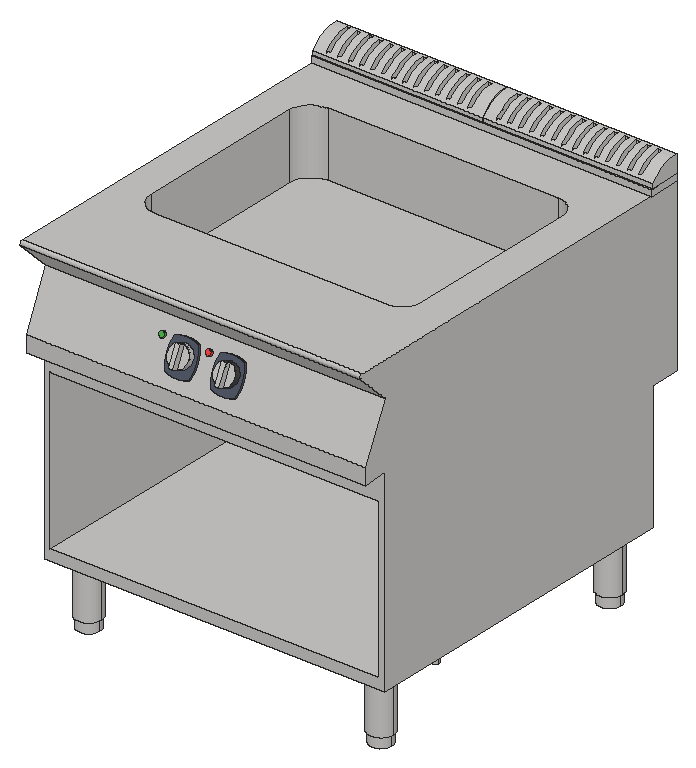
Revit family "QF_ELECTROLUXPROFESSIONAL_391142_E9MFGHDIO0", category Specialty Equipment, Revit 2018
Family settings
  Round Connector Dimension = Use Diameter
  Part Type = Normal
  Work Plane-Based = No
  Always vertical = Yes
  Cut with Voids When Loaded = No
  Shared = No
  Room Calculation Point = No
Parameters
  Width = 800 mm  # constant formula
  Weight in Pounds = 115  # constant formula
  Watts = 0 W
  Waste Water Discharge Temperature [instance] = -459.67 °F
  URL Cutsheet = "www.electrolux.com/foodservice"
  URL = "www.electrolux.com/foodservice"
  Type Mark [instance] = ""
  Status [instance] = ""
  Specification by User [instance] = ""
  Specification by Manufacturer = ""
  Show Logo [instance] = yes
  Show Clearance [instance] = yes
  Serial Number = ""
  Seismic Rating = ""
  SMACNA No = ""
  Revision Code [instance] = ""
  Plumbing Remarks [instance] = ""
  Plumbing Connection Type [instance] = ""
  Omniclass Number and Title = ""
  NAFEM Spec ID Number = ""
  Model = "391142"
  Mechanical Remarks [instance] = ""
  Mechanical Connection Type [instance] = ""
  Masterspec = ""
  Manufacturer = "ELECTROLUX"
  Item Number [instance] = ""
  Installed By [instance] = ""
  Indirect Waste Size = 2"
  Indirect Waste Flow [instance] = 0 GPM
  Indirect Waste Connection Type [instance] = ""
  Indirect Waste Connection Height = 0 mm
  Identify Quantity as Lot [instance] = yes
  Height = 850 mm  # constant formula
  HP = "0 HP"
  Gas Size = 12.7 mm  # 1/2"
  Gas RI Height [instance] = 0 mm
  Gas KW = 14  # constant formula
  Gas Input = 13987.1 VA  # 47726.0 Btu/h
  Gas Connection Height [instance] = 0 mm
  Furnished By [instance] = ""
  Foodservice Equipment Identifier [instance] = yes
  Direct Waste Size = 0"
  Description = "900XP GAS MULTIFUNCTIONAL COOKER 22 LT – WITH COMPOUND BOTTOM"
  Depth = 930 mm  # constant formula
  CSI MasterFormat = ""
  CSI Master Format = ""
  Base Height [instance] = 149 mm  # constant formula
Reference planes
  plane 1 "BACK": y = 0
  plane 2: z = 0
  plane 3 "LEFT": x = 0
  plane 4 "RIGHT": x = 800
  plane 5 "FRONT": y = -930
  plane 6 "TOP": z = 850.238
  plane 7 "Center Y": x = 400
  plane 8 "Center X": y = -465
  plane 9: z = 149
  plane 10: y = -126
  plane 11: y = -799
  plane 12: y = -695
  plane 13: x = 56
  plane 14: x = 744
  plane 15: x = 753
  plane 16: z = 908
  plane 17: x = 789
Forms (mm)
  Extrusion 1, solid, material "QF_Finishes_Stainless Steel"
    sketch origin (0, -198.623, 0) x (0, 1, 0) y (0, 0, 1)
      loop
        line (198.623, 850.238) -> (-725.027, 850.238)
        arc (-725.027, 850.238) -> (-730.893, 846.318) -> (-729.517, 839.397) r 6.35
        line (-729.517, 839.397) -> (-656.416, 767.047) -> (-713.522, 646.19) -> (-713.522, 608.09) -> (-659.4, 613.7) -> (-659.4, 149) -> (128.623, 149) -> (128.623, 450) -> (198.623, 450) -> (198.623, 850.238)
    from 0 to 800
  Extrusion 2, void
    sketch origin (0, -198.623, 850.238) x (-1, 0, 0) y (0, -1, 0)
      loop
        line (-670, -11.863) -> (-128.433, -11.863)
        arc (-128.433, -11.863) -> (-93.078, 2.782) -> (-78.433, 38.137) r 50
        line (-78.433, 38.137) -> (-78.433, 446.377)
        arc (-78.433, 446.377) -> (-93.078, 481.732) -> (-128.433, 496.377) r 50
        line (-128.433, 496.377) -> (-670, 496.377)
        arc (-670, 496.377) -> (-705.355, 481.732) -> (-720, 446.377) r 50
        line (-720, 446.377) -> (-720, 38.137)
        arc (-720, 38.137) -> (-705.355, 2.782) -> (-670, -11.863) r 50
    from 0 to -152.4
  Extrusion 3, solid, material "QF_Clearances", visible <- "Show Clearance", detail levels coarse
    sketch origin (0, -198.623, 0) x (1, 0, 0) y (0, 1, 0)
      loop
        line (0, -731.377) -> (0, 198.623) -> (800, 198.623) -> (800, -731.377) -> (950.019, -731.377) -> (950.019, 348.642) -> (-150.019, 348.642) -> (-150.019, -731.377) -> (0, -731.377)
    from 0 to 850.238
  Revolve 4, solid, material "QF_Finishes_Stainless Steel"
    sketch origin (0, -126, 608.09) x (0, 0, 1) y (-1, 0, 0)
      loop
        line (-608.09, -56) -> (-459.09, -56) -> (-459.09, -26) -> (-583.09, -26) -> (-583.09, -29.75) -> (-608.09, -29.75) -> (-608.09, -56)
      axis (-608.09, -56) -> (-459.09, -56)
    angle from 0 to 360
  Revolve 5, solid, material "QF_Finishes_Stainless Steel"
    sketch origin (800.1, -126, 608.09) x (0, 0, 1) y (-1, 0, 0)
      loop
        line (-608.09, 56.1) -> (-608.09, 29.85) -> (-583.09, 29.85) -> (-583.09, 26.1) -> (-459.09, 26.1) -> (-459.09, 56.1) -> (-608.09, 56.1)
      axis (-608.09, 56.1) -> (-459.09, 56.1)
    angle from 0 to 360
  Extrusion 6, solid, material "QF_Finishes_Stainless Steel"
    sketch origin (-77.88, -4770.623, 533.7) x (-1, 0, 0) y (0, -1, 0)
      loop
        circle (-368.88, -4124.623) r 25.4
    from 67.3 to -12.7
  Extrusion 7, void
    sketch origin (0, -858.023, 149) x (0, 0, -1) y (-1, 0, 0)
      loop
        line (-25.4, -12.7) -> (-399.138, -12.7) -> (-399.138, -787.3) -> (-25.4, -787.3) -> (-25.4, -12.7)
    from 0 to 570.276
  Extrusion 8, void
    sketch origin (0, -198.623, 697.838) x (0, -1, 0) y (-1, 0, 0)
      loop
        circle (447.377, -291) r 25.4
    from 0 to 96.838
  Extrusion 9, solid, material "QF_Finishes_Stainless Steel"
    sketch origin (0, -70, 149) x (-1, 0, 0) y (0, 1, 0)
      loop
        circle (-789, -624) r 6.604
    from 0 to 12.7
  Extrusion 10, solid, material "QF_Finishes_Stainless Steel"
    sketch origin (-45.315, -48.869, 149) x (-1, 0, 0) y (0, 1, 0)
      loop
        circle (-798.315, -601.131) r 6.35
    from 0 to 12.7
  Extrusion 11, solid, material "QF_Finishes_Stainless Steel"
    sketch origin (0, -198.623, 14.763) x (0, 1, 0) y (0, 0, 1)
      loop
        line (198.623, 850.238) -> (125, 850.238) -> (125, 835.475) -> (198.623, 835.475) -> (198.623, 850.238)
    from 0 to 800
  Extrusion 12, solid, material "QF_Finishes_Stainless Steel"
    sketch origin (0, 0, 589.025) x (0, 1, 0) y (0, 0, 1)
      loop
        line (0, 275.975) -> (0, 318.975)
        arc (0, 318.975) -> (-38.778, 310.112) -> (-69.85, 285.275) r 89.215
        line (-69.85, 285.275) -> (-69.85, 275.975) -> (0, 275.975)
    from 0 to 400
  Extrusion 13, void
    sketch origin (0, 0, 863.663) x (0, -1, 0) y (1, 0, 0)
      loop
        line (6.761, 28.703) -> (63.911, 28.703) -> (63.911, 37.999) -> (6.761, 37.999) -> (6.761, 28.703)
      loop
        line (63.911, 63.487) -> (6.761, 63.487) -> (6.761, 54.191) -> (63.911, 54.191) -> (63.911, 63.487)
      loop
        line (63.911, 89.975) -> (6.761, 89.975) -> (6.761, 80.68) -> (63.911, 80.68) -> (63.911, 89.975)
      loop
        line (63.911, 115.464) -> (6.761, 115.464) -> (6.761, 106.168) -> (63.911, 106.168) -> (63.911, 115.464)
      loop
        line (63.911, 140.952) -> (6.761, 140.952) -> (6.761, 131.656) -> (63.911, 131.656) -> (63.911, 140.952)
      loop
        line (63.911, 166.44) -> (6.761, 166.44) -> (6.761, 157.145) -> (63.911, 157.145) -> (63.911, 166.44)
      loop
        line (63.911, 191.929) -> (6.761, 191.929) -> (6.761, 182.633) -> (63.911, 182.633) -> (63.911, 191.929)
      loop
        line (63.911, 217.417) -> (6.761, 217.417) -> (6.761, 208.121) -> (63.911, 208.121) -> (63.911, 217.417)
      loop
        line (63.911, 242.905) -> (6.761, 242.905) -> (6.761, 233.61) -> (63.911, 233.61) -> (63.911, 242.905)
      loop
        line (63.911, 268.394) -> (6.761, 268.394) -> (6.761, 259.098) -> (63.911, 259.098) -> (63.911, 268.394)
      loop
        line (63.911, 293.882) -> (6.761, 293.882) -> (6.761, 284.586) -> (63.911, 284.586) -> (63.911, 293.882)
      loop
        line (63.911, 319.37) -> (6.761, 319.37) -> (6.761, 310.075) -> (63.911, 310.075) -> (63.911, 319.37)
      loop
        line (63.911, 345.859) -> (6.761, 345.859) -> (6.761, 336.563) -> (63.911, 336.563) -> (63.911, 345.859)
      loop
        line (63.911, 370.347) -> (6.761, 370.347) -> (6.761, 361.051) -> (63.911, 361.051) -> (63.911, 370.347)
    from 10.267 to 63.5
  Extrusion 14, solid, material "QF_Finishes_Navy Blue"
    sketch origin (-108.463, -912.145, 646.19) x (0, 0.421077, 0.907025) y (-1, 0, 0)
      loop
        arc (101.077, -425.788) -> (66.2, -418.771) -> (31.333, -425.832) r 89.894
        arc (31.333, -425.832) -> (24.638, -454.363) -> (31.333, -482.893) r 64.14
        arc (31.333, -482.893) -> (66.2, -489.955) -> (101.077, -482.938) r 89.894
        arc (101.077, -482.938) -> (107.792, -454.363) -> (101.077, -425.788) r 64.16
    from 0 to 3.175
  Extrusion 15, solid, material "QF_Finishes_Stainless Steel"
    sketch origin (-108.463, -915.025, 647.527) x (0, 0.421077, 0.907025) y (-1, 0, 0)
      loop
        circle (68.826, -454.351) r 25.4
    from 0 to 12.7
  Extrusion 16, solid, material "QF_Finishes_Stainless Steel"
    sketch origin (-108.463, -926.544, 652.875) x (0, 0.421077, 0.907025) y (-1, 0, 0)
      loop
        arc (93.558, -460.137) -> (94.226, -454.351) -> (93.558, -448.564) r 25.4
        line (93.558, -448.564) -> (44.094, -448.564)
        arc (44.094, -448.564) -> (43.426, -454.351) -> (44.094, -460.137) r 25.4
        line (44.094, -460.137) -> (93.558, -460.137)
    from 0 to 12.7
  Extrusion 17, solid, material "QF_Finishes_Red"
    sketch origin (-55, -912.145, 646.19) x (0, 0.421077, 0.907025) y (-1, 0, 0)
      loop
        circle (93.566, -454.95) r 6.35
    from 0 to 3.175
  Extrusion 18, solid, material "QF_Finishes_Navy Blue"
    sketch origin (908.563, -912.145, 646.19) x (0, 0.421077, 0.907025) y (-1, 0, 0)
      loop
        arc (101.077, 425.944) -> (107.812, 454.563) -> (101.077, 483.182) r 64.179
        arc (101.077, 483.182) -> (66.2, 490.196) -> (31.333, 483.138) r 89.935
        arc (31.333, 483.138) -> (24.618, 454.563) -> (31.333, 425.988) r 64.16
        arc (31.333, 425.988) -> (66.2, 418.933) -> (101.077, 425.944) r 89.976
    from 0 to 3.175
  Extrusion 19, solid, material "QF_Finishes_Stainless Steel"
    sketch origin (908.563, -915.025, 647.527) x (0, 0.421077, 0.907025) y (-1, 0, 0)
      loop
        circle (68.826, 454.351) r 25.4
    from 0 to 12.7
  Extrusion 20, solid, material "QF_Finishes_Stainless Steel"
    sketch origin (908.563, -926.544, 652.875) x (0, 0.421077, 0.907025) y (-1, 0, 0)
      loop
        line (93.558, 460.137) -> (44.094, 460.137)
        arc (44.094, 460.137) -> (43.426, 454.351) -> (44.094, 448.564) r 25.4
        line (44.094, 448.564) -> (93.558, 448.564)
        arc (93.558, 448.564) -> (94.226, 454.351) -> (93.558, 460.137) r 25.4
    from 0 to 12.7
  Extrusion 21, solid, material "QF_Finishes_Green"
    sketch origin (-165, -912.145, 646.19) x (0, 0.421077, 0.907025) y (-1, 0, 0)
      loop
        circle (93.566, -455.05) r 6.35
    from 0 to 3.175
  Extrusion 22, solid, material "QF_Finishes_Stainless Steel"
    sketch origin (800, 0, 589.025) x (0, 1, 0) y (0, 0, -1)
      loop
        line (0, -275.975) -> (-69.85, -275.975) -> (-69.85, -285.275)
        arc (-69.85, -285.275) -> (-38.778, -310.112) -> (0, -318.975) r 89.215
        line (0, -318.975) -> (0, -275.975)
    from 0 to 400
  Extrusion 23, void
    sketch origin (800, 0, 863.663) x (0, -1, 0) y (1, 0, 0)
      loop
        line (6.761, -28.703) -> (6.761, -37.999) -> (63.911, -37.999) -> (63.911, -28.703) -> (6.761, -28.703)
      loop
        line (63.911, -63.487) -> (63.911, -54.191) -> (6.761, -54.191) -> (6.761, -63.487) -> (63.911, -63.487)
      loop
        line (63.911, -89.975) -> (63.911, -80.68) -> (6.761, -80.68) -> (6.761, -89.975) -> (63.911, -89.975)
      loop
        line (63.911, -115.464) -> (63.911, -106.168) -> (6.761, -106.168) -> (6.761, -115.464) -> (63.911, -115.464)
      loop
        line (63.911, -140.952) -> (63.911, -131.656) -> (6.761, -131.656) -> (6.761, -140.952) -> (63.911, -140.952)
      loop
        line (63.911, -166.44) -> (63.911, -157.145) -> (6.761, -157.145) -> (6.761, -166.44) -> (63.911, -166.44)
      loop
        line (63.911, -191.929) -> (63.911, -182.633) -> (6.761, -182.633) -> (6.761, -191.929) -> (63.911, -191.929)
      loop
        line (63.911, -217.417) -> (63.911, -208.121) -> (6.761, -208.121) -> (6.761, -217.417) -> (63.911, -217.417)
      loop
        line (63.911, -242.905) -> (63.911, -233.61) -> (6.761, -233.61) -> (6.761, -242.905) -> (63.911, -242.905)
      loop
        line (63.911, -268.394) -> (63.911, -259.098) -> (6.761, -259.098) -> (6.761, -268.394) -> (63.911, -268.394)
      loop
        line (63.911, -293.882) -> (63.911, -284.586) -> (6.761, -284.586) -> (6.761, -293.882) -> (63.911, -293.882)
      loop
        line (63.911, -319.37) -> (63.911, -310.075) -> (6.761, -310.075) -> (6.761, -319.37) -> (63.911, -319.37)
      loop
        line (63.911, -345.859) -> (63.911, -336.563) -> (6.761, -336.563) -> (6.761, -345.859) -> (63.911, -345.859)
      loop
        line (63.911, -370.347) -> (63.911, -361.051) -> (6.761, -361.051) -> (6.761, -370.347) -> (63.911, -370.347)
    from 10.267 to 63.5
  Revolve 24, solid, material "QF_Finishes_Stainless Steel"
    sketch origin (0, -799, 608.09) x (0, 0, 1) y (-1, 0, 0)
      loop
        line (-608.09, -56) -> (-459.09, -56) -> (-459.09, -26) -> (-583.09, -26) -> (-583.09, -29.75) -> (-608.09, -29.75) -> (-608.09, -56)
      axis (-608.09, -56) -> (-459.09, -56)
    angle from 0 to 360
  Revolve 25, solid, material "QF_Finishes_Stainless Steel"
    sketch origin (800.1, -799, 608.09) x (0, 0, 1) y (-1, 0, 0)
      loop
        line (-608.09, 56.1) -> (-608.09, 29.85) -> (-583.09, 29.85) -> (-583.09, 26.1) -> (-459.09, 26.1) -> (-459.09, 56.1) -> (-608.09, 56.1)
      axis (-608.09, 56.1) -> (-459.09, 56.1)
    angle from 0 to 360
Cuts and joins
  Extrusion 2, Extrusion 7, Extrusion 8 cuts Extrusion 1
  Extrusion 13, Extrusion 23 cuts Extrusion 12
  Extrusion 23 cuts Extrusion 22
Lines and regions (mm)
  symbolic lines, style "QF_Clearances", visible <- "Show Clearance", detail levels coarse
    curve 1: line (-150.019, 150.019, 850.238) -> (-150.019, -930, 850.238)
    curve 2: line (950.019, 150.019, 850.237) -> (-150.019, 150.019, 850.238)
    curve 3: line (950.019, -930, 850.237) -> (950.019, 150.019, 850.237)
  symbolic lines
    curve 4: line (0, 0, 850.238) -> (800, 0, 850.237)
    curve 5: line (0, -930, 850.238) -> (0, 0, 850.238)
    curve 6: line (800, -930, 850.237) -> (0, -930, 850.238)
    curve 7: line (800, 0, 850.237) -> (800, -930, 850.237)
    curve 8: line (0, -73.623, 850.238) -> (800, -73.623, 850.237)
    curve 9: line (670, -186.761, 850.237) -> (128.433, -186.761, 850.237)
    curve 10: arc (128.433, -186.761, 850.237) -> (93.078, -201.406, 850.238) -> (78.433, -236.761, 850.238) r 50
    curve 11: line (78.433, -236.761, 850.238) -> (78.433, -645, 850.238)
    curve 12: arc (78.433, -645, 850.238) -> (93.078, -680.355, 850.238) -> (128.433, -695, 850.237) r 50
    curve 13: line (128.433, -695, 850.237) -> (670, -695, 850.237)
    curve 14: arc (670, -186.761, 850.237) -> (705.355, -201.406, 850.237) -> (720, -236.761, 850.237) r 50
    curve 15: line (720, -236.761, 850.237) -> (720, -645, 850.237)
    curve 16: arc (720, -645, 850.237) -> (705.355, -680.355, 850.237) -> (670, -695, 850.237) r 50
    curve 17: arc (291, -620.6, 850.237) -> (316.4, -646, 850.237) -> (291, -671.4, 850.237) r 25.4
    curve 18: arc (291, -671.4, 850.237) -> (265.6, -646, 850.237) -> (291, -620.6, 850.237) r 25.4
    curve 19: line (28.703, -63.911, 850.238) -> (37.999, -63.911, 850.238)
    curve 20: line (28.703, -6.761, 850.238) -> (28.703, -63.911, 850.238)
    curve 21: line (37.999, -6.761, 850.238) -> (28.703, -6.761, 850.238)
    curve 22: line (37.999, -63.911, 850.238) -> (37.999, -6.761, 850.238)
    curve 23: line (54.191, -63.911, 850.238) -> (63.487, -63.911, 850.238)
    curve 24: line (54.191, -6.761, 850.238) -> (54.191, -63.911, 850.238)
    curve 25: line (63.487, -6.761, 850.238) -> (54.191, -6.761, 850.238)
    curve 26: line (63.487, -63.911, 850.238) -> (63.487, -6.761, 850.238)
    curve 27: line (80.68, -63.911, 850.237) -> (89.975, -63.911, 850.237)
    curve 28: line (80.68, -6.761, 850.237) -> (80.68, -63.911, 850.237)
    curve 29: line (89.975, -6.761, 850.237) -> (80.68, -6.761, 850.237)
    curve 30: line (89.975, -63.911, 850.237) -> (89.975, -6.761, 850.237)
    curve 31: line (106.168, -63.911, 850.237) -> (115.464, -63.911, 850.237)
    curve 32: line (106.168, -6.761, 850.237) -> (106.168, -63.911, 850.237)
    curve 33: line (115.464, -6.761, 850.237) -> (106.168, -6.761, 850.237)
    curve 34: line (115.464, -63.911, 850.237) -> (115.464, -6.761, 850.237)
    curve 35: line (131.656, -63.911, 850.237) -> (140.952, -63.911, 850.237)
    curve 36: line (131.656, -6.761, 850.237) -> (131.656, -63.911, 850.237)
    curve 37: line (140.952, -6.761, 850.237) -> (131.656, -6.761, 850.237)
    curve 38: line (140.952, -63.911, 850.237) -> (140.952, -6.761, 850.237)
    curve 39: line (157.145, -63.911, 850.237) -> (166.44, -63.911, 850.237)
    curve 40: line (157.145, -6.761, 850.237) -> (157.145, -63.911, 850.237)
    curve 41: line (166.44, -6.761, 850.237) -> (157.145, -6.761, 850.237)
    curve 42: line (166.44, -63.911, 850.237) -> (166.44, -6.761, 850.237)
    curve 43: line (182.633, -63.911, 850.237) -> (191.929, -63.911, 850.237)
    curve 44: line (182.633, -6.761, 850.237) -> (182.633, -63.911, 850.237)
    curve 45: line (191.929, -6.761, 850.237) -> (182.633, -6.761, 850.237)
    curve 46: line (191.929, -63.911, 850.237) -> (191.929, -6.761, 850.237)
    curve 47: line (208.121, -63.911, 850.237) -> (217.417, -63.911, 850.237)
    curve 48: line (208.121, -6.761, 850.237) -> (208.121, -63.911, 850.237)
    curve 49: line (217.417, -6.761, 850.237) -> (208.121, -6.761, 850.237)
    curve 50: line (217.417, -63.911, 850.237) -> (217.417, -6.761, 850.237)
    curve 51: line (233.61, -63.911, 850.237) -> (242.905, -63.911, 850.237)
    curve 52: line (233.61, -6.761, 850.237) -> (233.61, -63.911, 850.237)
    curve 53: line (242.905, -6.761, 850.237) -> (233.61, -6.761, 850.237)
    curve 54: line (242.905, -63.911, 850.237) -> (242.905, -6.761, 850.237)
    curve 55: line (259.098, -63.911, 850.237) -> (268.394, -63.911, 850.237)
    curve 56: line (259.098, -6.761, 850.237) -> (259.098, -63.911, 850.237)
    curve 57: line (268.394, -6.761, 850.237) -> (259.098, -6.761, 850.237)
    curve 58: line (268.394, -63.911, 850.237) -> (268.394, -6.761, 850.237)
    curve 59: line (284.586, -63.911, 850.237) -> (293.882, -63.911, 850.237)
    curve 60: line (284.586, -6.761, 850.237) -> (284.586, -63.911, 850.237)
    curve 61: line (293.882, -6.761, 850.237) -> (284.586, -6.761, 850.237)
    curve 62: line (293.882, -63.911, 850.237) -> (293.882, -6.761, 850.237)
    curve 63: line (310.075, -63.911, 850.237) -> (319.37, -63.911, 850.237)
    curve 64: line (310.075, -6.761, 850.237) -> (310.075, -63.911, 850.237)
    curve 65: line (319.37, -6.761, 850.237) -> (310.075, -6.761, 850.237)
    curve 66: line (319.37, -63.911, 850.237) -> (319.37, -6.761, 850.237)
    curve 67: line (336.563, -63.911, 850.237) -> (345.859, -63.911, 850.237)
    curve 68: line (336.563, -6.761, 850.237) -> (336.563, -63.911, 850.237)
    curve 69: line (345.859, -6.761, 850.237) -> (336.563, -6.761, 850.237)
    curve 70: line (345.859, -63.911, 850.237) -> (345.859, -6.761, 850.237)
    curve 71: line (361.051, -63.911, 850.237) -> (370.347, -63.911, 850.237)
    curve 72: line (361.051, -6.761, 850.237) -> (361.051, -63.911, 850.237)
    curve 73: line (370.347, -6.761, 850.237) -> (361.051, -6.761, 850.237)
    curve 74: line (370.347, -63.911, 850.237) -> (370.347, -6.761, 850.237)
    curve 75: line (429.653, -63.911, 850.237) -> (438.949, -63.911, 850.237)
    curve 76: line (429.653, -6.761, 850.237) -> (429.653, -63.911, 850.237)
    curve 77: line (438.949, -6.761, 850.237) -> (429.653, -6.761, 850.237)
    curve 78: line (438.949, -63.911, 850.237) -> (438.949, -6.761, 850.237)
    curve 79: line (454.141, -63.911, 850.237) -> (463.437, -63.911, 850.237)
    curve 80: line (454.141, -6.761, 850.237) -> (454.141, -63.911, 850.237)
    curve 81: line (463.437, -6.761, 850.237) -> (454.141, -6.761, 850.237)
    curve 82: line (463.437, -63.911, 850.237) -> (463.437, -6.761, 850.237)
    curve 83: line (480.63, -63.911, 850.237) -> (489.925, -63.911, 850.237)
    curve 84: line (480.63, -6.761, 850.237) -> (480.63, -63.911, 850.237)
    curve 85: line (489.925, -6.761, 850.237) -> (480.63, -6.761, 850.237)
    curve 86: line (489.925, -63.911, 850.237) -> (489.925, -6.761, 850.237)
    curve 87: line (506.118, -63.911, 850.237) -> (515.414, -63.911, 850.237)
    curve 88: line (506.118, -6.761, 850.237) -> (506.118, -63.911, 850.237)
    curve 89: line (515.414, -6.761, 850.237) -> (506.118, -6.761, 850.237)
    curve 90: line (515.414, -63.911, 850.237) -> (515.414, -6.761, 850.237)
    curve 91: line (531.606, -63.911, 850.237) -> (540.902, -63.911, 850.237)
    curve 92: line (531.606, -6.761, 850.237) -> (531.606, -63.911, 850.237)
    curve 93: line (540.902, -6.761, 850.237) -> (531.606, -6.761, 850.237)
    curve 94: line (540.902, -63.911, 850.237) -> (540.902, -6.761, 850.237)
    curve 95: line (557.095, -63.911, 850.237) -> (566.39, -63.911, 850.237)
    curve 96: line (557.095, -6.761, 850.237) -> (557.095, -63.911, 850.237)
    curve 97: line (566.39, -6.761, 850.237) -> (557.095, -6.761, 850.237)
    curve 98: line (566.39, -63.911, 850.237) -> (566.39, -6.761, 850.237)
    curve 99: line (582.583, -63.911, 850.237) -> (591.879, -63.911, 850.237)
    curve 100: line (582.583, -6.761, 850.237) -> (582.583, -63.911, 850.237)
    curve 101: line (591.879, -6.761, 850.237) -> (582.583, -6.761, 850.237)
    curve 102: line (591.879, -63.911, 850.237) -> (591.879, -6.761, 850.237)
    curve 103: line (608.071, -63.911, 850.237) -> (617.367, -63.911, 850.237)
    curve 104: line (608.071, -6.761, 850.237) -> (608.071, -63.911, 850.237)
    curve 105: line (617.367, -6.761, 850.237) -> (608.071, -6.761, 850.237)
    curve 106: line (617.367, -63.911, 850.237) -> (617.367, -6.761, 850.237)
    curve 107: line (633.56, -63.911, 850.237) -> (642.855, -63.911, 850.237)
    curve 108: line (633.56, -6.761, 850.237) -> (633.56, -63.911, 850.237)
    curve 109: line (642.855, -6.761, 850.237) -> (633.56, -6.761, 850.237)
    curve 110: line (642.855, -63.911, 850.237) -> (642.855, -6.761, 850.237)
    curve 111: line (659.048, -63.911, 850.237) -> (668.344, -63.911, 850.237)
    curve 112: line (659.048, -6.761, 850.237) -> (659.048, -63.911, 850.237)
    curve 113: line (668.344, -6.761, 850.237) -> (659.048, -6.761, 850.237)
    curve 114: line (668.344, -63.911, 850.237) -> (668.344, -6.761, 850.237)
    curve 115: line (684.536, -63.911, 850.237) -> (693.832, -63.911, 850.237)
    curve 116: line (684.536, -6.761, 850.237) -> (684.536, -63.911, 850.237)
    curve 117: line (693.832, -6.761, 850.237) -> (684.536, -6.761, 850.237)
    curve 118: line (693.832, -63.911, 850.237) -> (693.832, -6.761, 850.237)
    curve 119: line (710.025, -63.911, 850.237) -> (719.32, -63.911, 850.237)
    curve 120: line (710.025, -6.761, 850.237) -> (710.025, -63.911, 850.237)
    curve 121: line (719.32, -6.761, 850.237) -> (710.025, -6.761, 850.237)
    curve 122: line (719.32, -63.911, 850.237) -> (719.32, -6.761, 850.237)
    curve 123: line (736.513, -63.911, 850.237) -> (745.809, -63.911, 850.237)
    curve 124: line (736.513, -6.761, 850.237) -> (736.513, -63.911, 850.237)
    curve 125: line (745.809, -6.761, 850.237) -> (736.513, -6.761, 850.237)
    curve 126: line (745.809, -63.911, 850.237) -> (745.809, -6.761, 850.237)
    curve 127: line (762.001, -63.911, 850.237) -> (771.297, -63.911, 850.237)
    curve 128: line (762.001, -6.761, 850.237) -> (762.001, -63.911, 850.237)
    curve 129: line (771.297, -6.761, 850.237) -> (762.001, -6.761, 850.237)
    curve 130: line (771.297, -63.911, 850.237) -> (771.297, -6.761, 850.237)
    curve 131: line (400, -73.623, 850.237) -> (400, 0, 850.237)
Dimensions and locks
  equal spacing: plane 3 "LEFT", plane 7 "Center Y", plane 4 "RIGHT"
  "Width": plane 3 "LEFT" to plane 4 "RIGHT"
  equal spacing: plane 5 "FRONT", plane 8 "Center X", plane 1 "BACK"
  "Depth": plane 5 "FRONT" to plane 1 "BACK"
  plane 1 "BACK" to plane 5 "FRONT" = 930 mm
  "Base Height": plane 9 to level
  plane 9 to cut or joined group of Extrusion 1, Extrusion 2, Extrusion 7, Extrusion 8 = 301 mm
  cut or joined group of Extrusion 1, Extrusion 2, Extrusion 7, Extrusion 8 to plane 1 "BACK" = 70 mm
  plane 10 to plane 1 "BACK" = 126 mm
  plane 11 to plane 10 = 673 mm
  plane 9 to plane 2 = 149 mm
  plane 12 to plane 1 "BACK" = 695 mm
  plane 6 "TOP" to plane 2 = 850.237 mm
  Extrusion 8 sketch curve to plane 1 "BACK" = 646 mm
  plane 3 "LEFT" to Extrusion 8 sketch curve = 291 mm
  Extrusion 6 sketch curve to plane 1 "BACK" = 646 mm
  plane 3 "LEFT" to Extrusion 6 sketch curve = 291 mm
  plane 4 "RIGHT" to plane 14 to plane 13 to plane 3 "LEFT" = 56 mm, 688 mm, 56 mm
  Extrusion 6 to level = 521 mm
  Extrusion 6 to plane 1 "BACK" = 646 mm
  plane 3 "LEFT" to curve 18 = 291 mm
  plane 4 "RIGHT" to curve 3 = 150.019 mm
  curve 1 to plane 3 "LEFT" = 150.019 mm
  curve 2 to plane 1 "BACK" = 150.019 mm
  Extrusion 10 sketch curve to plane 1 "BACK" = 650 mm
  Extrusion 10 sketch curve to plane 4 "RIGHT" = 47 mm
  Extrusion 10 to plane 1 "BACK" = 650 mm
  plane 15 to plane 4 "RIGHT" = 47 mm  (x2)
  cut or joined group of Extrusion 1, Extrusion 2, Extrusion 7, Extrusion 8 to plane 9 = 301 mm
  plane 1 "BACK" to cut or joined group of Extrusion 1, Extrusion 2, Extrusion 7, Extrusion 8 = 70 mm
  plane 6 "TOP" to level = 850.238 mm
  plane 16 to level = 908 mm
  plane 1 "BACK" to Extrusion 10 = 650 mm
  plane 1 "BACK" to plane 12 = 695 mm
  plane 1 "BACK" to plane 10 to plane 11 = 126 mm, 673 mm
  plane 17 to plane 4 "RIGHT" = 11 mm
  aligned and locked: level to plane 2
Automatic sketch dimensions
  curve 17 to curve 18 = 0 mm
  curve 6 to plane 4 "RIGHT" = 0 mm
  curve 16 to plane 12 = 0 mm
  curve 131 to plane 7 "Center Y" = 0 mm
  curve 6 to plane 3 "LEFT" = 0 mm
  plane 1 "BACK" to curve 7 = 0 mm
  plane 5 "FRONT" to curve 1 = 0 mm
  plane 5 "FRONT" to curve 3 = 0 mm
  plane 1 "BACK" to curve 129 = 6.761 mm
  curve 129 to plane 15 = 18.297 mm
  curve 127 to plane 15 = 9.001 mm
  plane 14 to curve 123 = 1.809 mm
  curve 123 to plane 14 = 7.487 mm
  curve 16 to plane 14 = 24 mm
  plane 1 "BACK" to curve 121 = 6.761 mm
  curve 124 to curve 121 = 17.193 mm
  curve 121 to curve 120 = 9.296 mm
  plane 1 "BACK" to curve 117 = 6.761 mm
  curve 120 to curve 117 = 16.193 mm
  curve 117 to curve 117 = 9.296 mm
  curve 14 to curve 14 = 50 mm
  curve 15 to curve 16 = 50 mm
  curve 115 to curve 111 = 16.193 mm
  curve 113 to curve 113 = 9.296 mm
  plane 1 "BACK" to curve 109 = 6.761 mm
  curve 112 to curve 109 = 16.193 mm
  curve 107 to curve 107 = 9.296 mm
  plane 1 "BACK" to curve 105 = 6.761 mm
  curve 108 to curve 105 = 16.193 mm
  curve 103 to curve 103 = 9.296 mm
  curve 103 to curve 99 = 16.193 mm
  curve 101 to curve 101 = 9.296 mm
  plane 1 "BACK" to curve 97 = 6.761 mm
  curve 100 to curve 97 = 16.193 mm
  curve 97 to curve 97 = 9.296 mm
  curve 95 to curve 91 = 16.193 mm
  curve 93 to curve 93 = 9.296 mm
  curve 91 to curve 90 = 16.193 mm
  curve 89 to curve 89 = 9.296 mm
  curve 87 to curve 83 = 16.193 mm
  curve 85 to curve 85 = 9.296 mm
  plane 1 "BACK" to curve 81 = 6.761 mm
  curve 84 to curve 81 = 17.193 mm
  curve 81 to curve 81 = 9.296 mm
  plane 1 "BACK" to curve 77 = 6.761 mm
  curve 80 to curve 77 = 15.193 mm
  curve 77 to curve 77 = 9.296 mm
  plane 1 "BACK" to curve 74 = 6.761 mm
  curve 74 to plane 7 "Center Y" = 29.653 mm
  curve 73 to curve 72 = 9.296 mm
  curve 71 to curve 67 = 15.193 mm
  curve 67 to curve 68 = 9.296 mm
  curve 67 to curve 66 = 17.193 mm
  curve 63 to curve 64 = 9.296 mm
  plane 1 "BACK" to curve 62 = 6.761 mm
  curve 64 to curve 62 = 16.193 mm
  curve 61 to curve 60 = 9.296 mm
  plane 1 "BACK" to curve 58 = 6.761 mm
  curve 60 to curve 58 = 16.193 mm
  curve 55 to curve 56 = 9.296 mm
  curve 55 to curve 51 = 16.193 mm
  curve 53 to curve 52 = 9.296 mm
  curve 51 to curve 47 = 16.193 mm
  curve 49 to curve 49 = 9.296 mm
  plane 1 "BACK" to curve 46 = 6.761 mm
  curve 48 to curve 46 = 16.193 mm
  curve 43 to curve 44 = 9.296 mm
  plane 1 "BACK" to curve 41 = 6.761 mm
  curve 44 to curve 41 = 16.193 mm
  curve 41 to curve 40 = 9.296 mm
  plane 1 "BACK" to curve 38 = 6.761 mm
  curve 40 to curve 38 = 16.193 mm
  curve 35 to curve 35 = 9.296 mm
  plane 13 to curve 9 = 72.433 mm
  plane 13 to curve 13 = 72.433 mm
  curve 35 to curve 31 = 16.193 mm
  curve 31 to curve 32 = 9.296 mm
  curve 31 to curve 30 = 16.193 mm
  curve 27 to curve 27 = 9.296 mm
  plane 13 to curve 11 = 22.433 mm
  plane 13 to curve 23 = 7.487 mm
  curve 25 to plane 13 = 1.809 mm
  curve 23 to curve 19 = 16.193 mm
  curve 21 to curve 21 = 9.296 mm
  plane 1 "BACK" to curve 65 = 6.761 mm
  plane 1 "BACK" to curve 113 = 6.761 mm
  plane 1 "BACK" to curve 126 = 6.761 mm
  plane 1 "BACK" to curve 102 = 6.761 mm
  plane 1 "BACK" to curve 20 = 6.761 mm
  plane 1 "BACK" to curve 94 = 6.761 mm
  plane 1 "BACK" to curve 24 = 6.761 mm
  plane 1 "BACK" to curve 90 = 6.761 mm
  plane 1 "BACK" to curve 28 = 6.761 mm
  plane 1 "BACK" to curve 86 = 6.761 mm
  plane 1 "BACK" to curve 32 = 6.761 mm
  plane 1 "BACK" to curve 70 = 6.761 mm
  plane 1 "BACK" to curve 48 = 6.761 mm
  plane 1 "BACK" to curve 52 = 6.761 mm
  curve 56 to curve 56 = 57.15 mm
  curve 55 to curve 59 = 0 mm
  curve 54 to curve 55 = 0 mm
  curve 59 to curve 63 = 0 mm
  curve 50 to curve 51 = 0 mm
  curve 63 to curve 67 = 0 mm
  curve 46 to curve 47 = 0 mm
  curve 67 to curve 71 = 0 mm
  curve 42 to curve 43 = 0 mm
  curve 76 to curve 75 = 57.15 mm
  curve 38 to curve 39 = 0 mm
  curve 75 to curve 79 = 0 mm
  curve 34 to curve 35 = 0 mm
  curve 79 to curve 83 = 0 mm
  curve 30 to curve 31 = 0 mm
  curve 83 to curve 87 = 0 mm
  curve 26 to curve 27 = 0 mm
  curve 87 to curve 91 = 0 mm
  curve 22 to curve 23 = 0 mm
  curve 91 to curve 95 = 0 mm
  curve 116 to curve 115 = 57.15 mm
  curve 95 to curve 99 = 0 mm
  curve 115 to curve 119 = 0 mm
  curve 99 to curve 103 = 0 mm
  curve 119 to curve 123 = 0 mm
  curve 103 to curve 107 = 0 mm
  curve 123 to curve 127 = 0 mm
  curve 107 to curve 111 = 0 mm
  curve 75 to curve 131 = 9.713 mm
  plane 10 to curve 9 = 60.761 mm
  plane 12 to curve 17 = 74.4 mm
  curve 17 to curve 17 = 25.4 mm
  curve 7 to plane 5 "FRONT" = 0 mm
  Extrusion 1 sketch curve to plane 6 "TOP" = 0 mm
  Extrusion 1 sketch curve to plane 9 = 0 mm
  Extrusion 1 sketch curve to plane 1 "BACK" = 0 mm
  Extrusion 1 sketch curve to plane 10 = 56 mm
  Extrusion 1 sketch curve to plane 11 = 56.039 mm
  Extrusion 1 sketch curve to plane 11 = 59.023 mm
  Extrusion 1 sketch curve to plane 5 "FRONT" = 17.855 mm
  Extrusion 1 sketch curve to plane 5 "FRONT" = 6.35 mm
  Extrusion 1 sketch curve to plane 5 "FRONT" = 1.86 mm
  Extrusion 1 sketch curve to Extrusion 1 sketch curve = 301 mm
  Extrusion 1 sketch curve to plane 6 "TOP" = 242.147 mm
  Extrusion 1 sketch curve to Extrusion 1 sketch curve = 5.61 mm
  Extrusion 1 sketch curve to Extrusion 1 sketch curve = 38.1 mm
  Extrusion 1 sketch curve to plane 6 "TOP" = 83.191 mm
  Extrusion 1 sketch curve to plane 6 "TOP" = 10.84 mm
  Extrusion 2 sketch curve to plane 12 = 0 mm
  Extrusion 2 sketch curve to plane 14 = 24 mm
  Extrusion 2 sketch curve to Extrusion 2 sketch curve = 50 mm  (x2)
  plane 13 to Extrusion 2 sketch curve = 72.433 mm  (x2)
  plane 13 to Extrusion 2 sketch curve = 22.433 mm
  plane 10 to Extrusion 2 sketch curve = 110.761 mm
  plane 5 "FRONT" to Extrusion 3 sketch curve = 0 mm  (x2)
  plane 1 "BACK" to Extrusion 3 sketch curve = 0 mm
  Extrusion 3 sketch curve to plane 3 "LEFT" = 0 mm
  Extrusion 3 sketch curve to plane 4 "RIGHT" = 0 mm
  Extrusion 3 sketch curve to plane 3 "LEFT" = 150.019 mm
  plane 4 "RIGHT" to Extrusion 3 sketch curve = 150.019 mm
  Extrusion 3 sketch curve to plane 1 "BACK" = 150.019 mm
  Revolve 4 sketch curve to level = 0 mm
  Revolve 4 sketch curve to plane 9 = 0 mm
  Revolve 4 sketch curve to plane 13 = 0 mm  (x2)
  level to Revolve 4 sketch curve = 25 mm
  plane 9 to Revolve 4 sketch curve = 1 mm
  Revolve 4 sketch curve to Revolve 4 sketch curve = 20 mm
  Revolve 4 sketch curve to plane 13 = 26.25 mm
  plane 3 "LEFT" to Revolve 4 sketch curve = 26 mm
  Revolve 5 sketch curve to level = 0 mm
  Revolve 5 sketch curve to plane 9 = 0 mm
  Revolve 5 sketch curve to plane 14 = 0 mm  (x2)
  level to Revolve 5 sketch curve = 25 mm
  Revolve 5 sketch curve to Revolve 5 sketch curve = 1 mm
  Revolve 5 sketch curve to Revolve 5 sketch curve = 20 mm
  Revolve 5 sketch curve to plane 15 = 17.25 mm
  Revolve 5 sketch curve to plane 15 = 21 mm
  Extrusion 7 sketch curve to Extrusion 1 = 12.7 mm  (x2)
  Extrusion 1 to Extrusion 7 sketch curve = 65.563 mm
  Extrusion 1 to Extrusion 7 sketch curve = 25.4 mm
  Extrusion 9 sketch curve to Extrusion 1 = 11 mm
  Extrusion 9 sketch curve to Extrusion 1 = 164.023 mm
  Extrusion 11 sketch curve to plane 6 "TOP" = 0 mm
  Extrusion 11 sketch curve to plane 1 "BACK" = 0 mm
  Extrusion 11 sketch curve to plane 10 = 52.377 mm
  Extrusion 11 sketch curve to Extrusion 11 sketch curve = 14.763 mm
  Extrusion 12 sketch curve to plane 1 "BACK" = 0 mm
  Extrusion 12 sketch curve to plane 16 = 0 mm
  plane 1 "BACK" to Extrusion 12 sketch curve = 0.012 mm
  plane 6 "TOP" to Extrusion 12 sketch curve = 24.063 mm
  plane 1 "BACK" to Extrusion 12 sketch curve = 69.85 mm
  plane 6 "TOP" to Extrusion 12 sketch curve = 14.763 mm
  plane 1 "BACK" to Extrusion 13 sketch curve = 6.761 mm  (x14)
  Extrusion 13 sketch curve to Extrusion 13 sketch curve = 57.15 mm
  Extrusion 13 sketch curve to Extrusion 13 sketch curve = 0 mm  (x13)
  plane 13 to Extrusion 13 sketch curve = 7.487 mm
  Extrusion 13 sketch curve to plane 13 = 1.809 mm
  Extrusion 13 sketch curve to Extrusion 13 sketch curve = 16.193 mm  (x10)
  Extrusion 13 sketch curve to Extrusion 13 sketch curve = 9.296 mm  (x13)
  Extrusion 13 sketch curve to Extrusion 13 sketch curve = 17.193 mm  (x2)
  Extrusion 13 sketch curve to Extrusion 13 sketch curve = 15.193 mm
  Extrusion 14 sketch curve to plane 7 "Center Y" = 82.631 mm
  Extrusion 14 sketch curve to plane 7 "Center Y" = 25.57 mm
  Extrusion 14 sketch curve to Extrusion 14 sketch curve = 0 mm
  Extrusion 14 sketch curve to Extrusion 14 sketch curve = 12.3 mm  (x3)
  plane 7 "Center Y" to Extrusion 14 sketch curve = 0.202 mm
  Extrusion 14 sketch curve to Extrusion 14 sketch curve = 34.925 mm  (x2)
  Extrusion 14 sketch curve to Extrusion 14 sketch curve = 45.146 mm
  Extrusion 14 sketch curve to plane 7 "Center Y" = 25.525 mm
  Extrusion 16 sketch curve to Extrusion 16 sketch curve = 24.732 mm
  Extrusion 16 sketch curve to Extrusion 16 sketch curve = 0 mm
  Extrusion 17 sketch curve to plane 7 "Center Y" = 0.05 mm
  plane 7 "Center Y" to Extrusion 18 sketch curve = 82.575 mm
  plane 7 "Center Y" to Extrusion 18 sketch curve = 25.425 mm
  Extrusion 18 sketch curve to Extrusion 18 sketch curve = 0 mm
  Extrusion 18 sketch curve to Extrusion 18 sketch curve = 12.3 mm  (x3)
  Extrusion 18 sketch curve to plane 7 "Center Y" = 0.346 mm
  Extrusion 18 sketch curve to Extrusion 18 sketch curve = 34.925 mm  (x2)
  Extrusion 18 sketch curve to Extrusion 18 sketch curve = 45.146 mm
  plane 7 "Center Y" to Extrusion 18 sketch curve = 25.381 mm
  Extrusion 20 sketch curve to Extrusion 20 sketch curve = 24.732 mm
  Extrusion 20 sketch curve to Extrusion 20 sketch curve = 0 mm
  Extrusion 21 sketch curve to plane 7 "Center Y" = 109.95 mm
  Extrusion 22 sketch curve to plane 1 "BACK" = 0 mm
  Extrusion 22 sketch curve to plane 16 = 0 mm
  plane 1 "BACK" to Extrusion 22 sketch curve = 0.012 mm
  plane 6 "TOP" to Extrusion 22 sketch curve = 24.063 mm
  plane 1 "BACK" to Extrusion 22 sketch curve = 69.85 mm
  plane 6 "TOP" to Extrusion 22 sketch curve = 14.763 mm
  plane 1 "BACK" to Extrusion 23 sketch curve = 6.761 mm  (x14)
  Extrusion 23 sketch curve to Extrusion 23 sketch curve = 57.15 mm
  Extrusion 23 sketch curve to Extrusion 23 sketch curve = 0 mm  (x13)
  Extrusion 23 sketch curve to plane 14 = 7.487 mm
  Extrusion 23 sketch curve to Extrusion 23 sketch curve = 17.193 mm  (x2)
  Extrusion 23 sketch curve to Extrusion 23 sketch curve = 9.296 mm  (x13)
  Extrusion 23 sketch curve to Extrusion 23 sketch curve = 16.193 mm  (x9)
  Extrusion 23 sketch curve to Extrusion 23 sketch curve = 15.193 mm
  plane 14 to Extrusion 23 sketch curve = 1.809 mm
  Extrusion 23 sketch curve to plane 15 = 9.001 mm
  Revolve 24 sketch curve to level = 0 mm
  Revolve 24 sketch curve to plane 9 = 0 mm
  Revolve 24 sketch curve to plane 13 = 0 mm  (x2)
  level to Revolve 24 sketch curve = 25 mm
  Revolve 24 sketch curve to Revolve 24 sketch curve = 1 mm
  Revolve 24 sketch curve to Revolve 24 sketch curve = 20 mm
  Revolve 24 sketch curve to plane 13 = 26.25 mm
  plane 3 "LEFT" to Revolve 24 sketch curve = 26 mm
  Revolve 25 sketch curve to level = 0 mm
  Revolve 25 sketch curve to plane 9 = 0 mm
  Revolve 25 sketch curve to plane 14 = 0 mm  (x2)
  level to Revolve 25 sketch curve = 25 mm
  Revolve 25 sketch curve to Revolve 25 sketch curve = 1 mm
  Revolve 25 sketch curve to Revolve 25 sketch curve = 20 mm
  Revolve 25 sketch curve to plane 15 = 17.25 mm
  Revolve 25 sketch curve to plane 15 = 21 mm
  radius of Extrusion 6 sketch curve = 25.4 mm
  radius of Extrusion 8 sketch curve = 25.4 mm
  radius of Extrusion 9 sketch curve = 6.604 mm
  radius of Extrusion 10 sketch curve = 6.35 mm
  radius of Extrusion 15 sketch curve = 25.4 mm
  radius of Extrusion 16 sketch curve to Extrusion 15 = 0 mm  (x2)
  radius of Extrusion 17 sketch curve = 6.35 mm
  radius of Extrusion 19 sketch curve = 25.4 mm
  radius of Extrusion 20 sketch curve to Extrusion 19 = 0 mm  (x2)
  radius of Extrusion 21 sketch curve = 6.35 mm
Connectors
  piping at (291, -646, 521), diameter 50.8
    settings: on Extrusion 6, index 3, connector inside diameter 2", connector length 0 mm, flow factor 0, pipe flow 0 GPM, pressure drop 0.00 psi, fitting loss kfactor 0, connector angle 0.00°, fixture units 0, engagement length 0 mm, angle of deflection 0.00°, flow configuration 1, flow direction 2, fitting loss method 0, system type 16, joint type 0, gender type 0, connector reference index -1, connector utility 0, adjustable connector no, is connector primary yes, connector description "DRAIN"
  piping at (753, -650, 136.3), diameter 12.8
    settings: on Extrusion 10, index 5, connector inside diameter 0.50394", connector length 0 mm, flow factor 0, pipe flow 0 GPM, pressure drop 0.00 psi, fitting loss kfactor 0, connector angle 0.00°, fixture units 0, engagement length 0 mm, angle of deflection 0.00°, flow configuration 0, flow direction 0, fitting loss method 0, system type 7, joint type 0, gender type 0, connector reference index -1, connector utility 0, adjustable connector no, is connector primary no, connector description "GAS CONNECTION"
